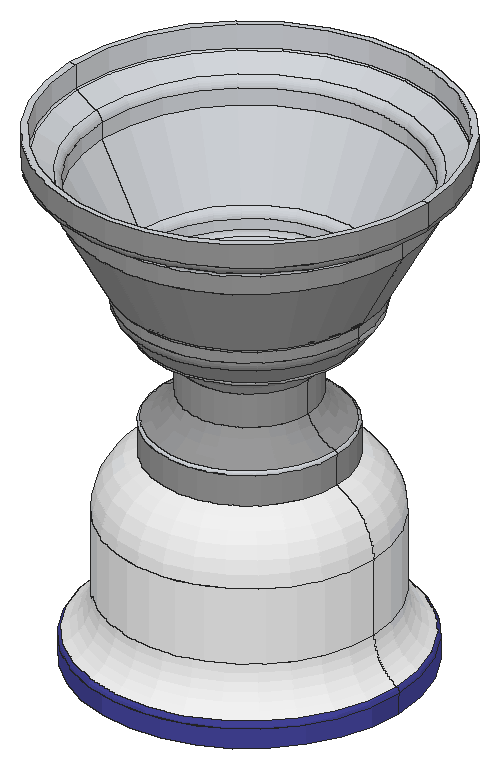
Revit family "RE2J5FM SHADE", category Lighting Fixtures, Revit 2024
Family settings
  Round Connector Dimension = Use Diameter
  Part Type = Normal
  OmniClass Number = 23.80.70.00
  OmniClass Title = Lighting
  Work Plane-Based = No
  Always vertical = Yes
  Cut with Voids When Loaded = No
  Light Source = Yes
  Maintain Annotation Orientation = No
  Shared = No
  Room Calculation Point = No
Parameters
  Wattage = 12.1178 W
  built-in parameter 1150110 = 1 (stored number, unit not read)
  built-in parameter 1114217 = 1 (stored number, unit not read)
  built-in parameter 1150109 = 1 (stored number, unit not read)
  built-in parameter 1150134 = (empty or 0)
  built-in parameter 1150113 = 1 (stored number, unit not read)
  Lumens = 1800 lm
  built-in parameter 1150115 = 1 (stored number, unit not read)
  built-in parameter 1150105 = 572.96 (stored number, unit not read)
  Light Source Symbol Size = 2' - 0"
  built-in parameter 1150137 = (empty or 0)
  built-in parameter 1150139 = (empty or 0)
  built-in parameter 1150112 = 1 (stored number, unit not read)
  built-in parameter 1150114 = 1 (stored number, unit not read)
  built-in parameter 1150132 = 2
  built-in parameter 1150102 = (empty or 0)
  built-in parameter 1150138 = (empty or 0)
  built-in parameter 1150107 = 3000 (stored number, unit not read)
  built-in parameter 1150106 = 5.7296 (stored number, unit not read)
  built-in parameter 1150104 = 13.8 (stored number, unit not read)
  Dimming Lamp Color Temperature Shift = (empty or 0)
  Default Elevation = 0' - 0"
  Color Filter = 16777215
  built-in parameter 1114218 = 1 (stored number, unit not read)
  built-in parameter 1150133 = 10 (stored number, unit not read)
Reference planes (in)
  plane 1 "Light Source Axis (F/B)": y = 0
  plane 2: z = 0
  plane 3 "Light Source Axis (L/R)": x = 0
  plane 4 "Light Source Elevation": z = 84
Forms (in)
  Revolve 1, solid
    sketch origin (0, 0, 0) x (1, 0, 0) y (0, 0, 1)
      loop
        line (-2.5625, 84) -> (-2.46875, 84) -> (-2.46875, 84.31466)
        arc (-2.46875, 84.31466) -> (-2.15071, 84.62211) -> (-2.03125, 85.04803) r 0.84623
        line (-2.03125, 85.04803) -> (-2.03125, 86.19798)
        arc (-2.03125, 86.19798) -> (-1.85845, 86.73021) -> (-1.40596, 87.05945) r 0.90608
        line (-1.40596, 87.05945) -> (-1.40596, 87.55544)
        arc (-1.40596, 87.55544) -> (-1.11422, 87.74252) -> (-0.91288, 88.02462) r 0.91592
        line (-0.91288, 88.02462) -> (-0.91288, 88.57648)
        arc (-0.91288, 88.57648) -> (-1.1321, 88.91396) -> (-1.49434, 89.08925) r 0.74893
        line (-1.49434, 89.08925) -> (-1.75047, 89.42915)
        arc (-1.75047, 89.42915) -> (-1.773, 89.4714) -> (-1.78148, 89.51853) r 0.15419
        line (-1.78148, 89.51853) -> (-1.78148, 89.68427)
        arc (-1.78148, 89.68427) -> (-1.80906, 89.77512) -> (-1.8825, 89.83531) r 0.16342
        line (-1.8825, 89.83531) -> (-2.52351, 91.00985) -> (-2.52351, 91.26397)
        arc (-2.52351, 91.26397) -> (-2.55187, 91.35858) -> (-2.62759, 91.42199) r 0.172
        line (-2.62759, 91.42199) -> (-2.95242, 91.60953)
        arc (-2.95242, 91.60953) -> (-2.96438, 91.62148) -> (-2.96875, 91.63781) r 0.03265
        line (-2.96875, 91.63781) -> (-2.96875, 92) -> (-3.0625, 92) -> (-3.0625, 91.63781)
        arc (-3.0625, 91.63781) -> (-3.04557, 91.57461) -> (-2.9993, 91.52834) r 0.1264
        line (-2.9993, 91.52834) -> (-2.66875, 91.3375)
        arc (-2.66875, 91.3375) -> (-2.63142, 91.30885) -> (-2.61726, 91.26397) r 0.07825
        line (-2.61726, 91.26397) -> (-2.61726, 90.98593) -> (-1.9449, 89.75394)
        arc (-1.9449, 89.75394) -> (-1.89563, 89.73353) -> (-1.87523, 89.68427) r 0.06967
        line (-1.87523, 89.68427) -> (-1.87523, 89.51762)
        arc (-1.87523, 89.51762) -> (-1.86176, 89.44122) -> (-1.82534, 89.37273) r 0.24794
        line (-1.82534, 89.37273) -> (-1.59156, 89.0625)
        arc (-1.59156, 89.0625) -> (-1.57326, 89.01831) -> (-1.52906, 89) r 0.0625
        arc (-1.52906, 89) -> (-1.20631, 88.85415) -> (-1.00663, 88.56163) r 0.65518
        line (-1.00663, 88.56163) -> (-1.00663, 88.04565)
        arc (-1.00663, 88.04565) -> (-1.19545, 87.79507) -> (-1.46439, 87.63348) r 0.82217
        arc (-1.46439, 87.63348) -> (-1.49001, 87.61382) -> (-1.49971, 87.58303) r 0.05368
        line (-1.49971, 87.58303) -> (-1.49971, 87.125)
        arc (-1.49971, 87.125) -> (-1.95407, 86.75707) -> (-2.125, 86.19798) r 0.99983
        line (-2.125, 86.19798) -> (-2.125, 85.04847)
        arc (-2.125, 85.04847) -> (-2.23244, 84.6681) -> (-2.51785, 84.39466) r 0.75248
        arc (-2.51785, 84.39466) -> (-2.55079, 84.35173) -> (-2.5625, 84.2989) r 0.125
        line (-2.5625, 84.2989) -> (-2.5625, 84)
      axis (0, 92) -> (0, 84)
    angle from 0 to 360
Dimensions and locks (in)
  aligned and locked: plane 3 "Light Source Axis (L/R)" to imposter light
  aligned and locked: plane 1 "Light Source Axis (F/B)" to imposter light
  aligned and locked: plane 4 "Light Source Elevation" to imposter light
  aligned and locked: level to plane 2
